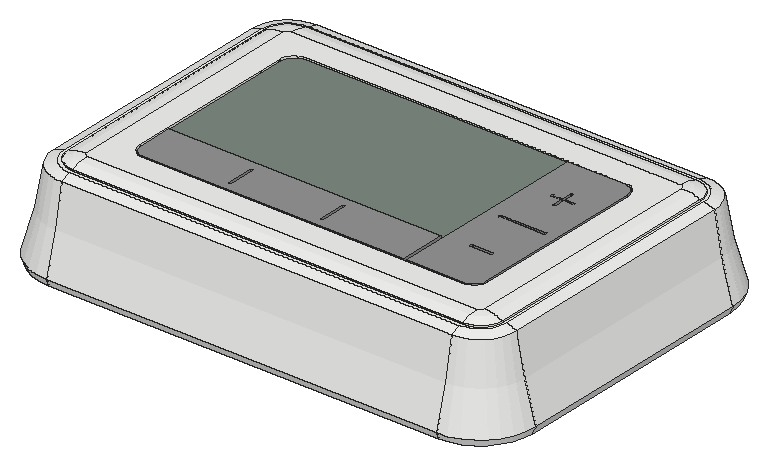
Revit family "Resideo_Thermostat_T4H310A3032a", category Electrical Fixtures, host Face, Revit 2019
Family settings
  Host = Face
  Maintain Annotation Orientation = No
  Round Connector Dimension = Use Diameter
  Part Type = Normal
  OmniClass Number = 23.75.65.11.11
  OmniClass Title = Heating Controllers
  Cut with Voids When Loaded = No
  Shared = No
  Room Calculation Point = No
Parameters (values of type "T4H310A3032")
  _ObjectUserGuide = "https://www.bimstore.co/products/thermostat-t4h310a3032/document/object-user-guide"
  _DistributedBy = "https://www.bimstore.co/"
  _CurrentRevision = 1
  _CreatedBy = "https://www.bimstore.co/"
  _BimSpecGuid = 0
  _BSBibleVersion = 16
  _AuthorizedBy = "bimstore"
  _Author = "AM"
  WarrantyStartDate [instance] = "Please record on commissioning"
  WarrantyGuarantorParts = "https://www.resideo.com/gb/en/contact-us/"
  WarrantyGuarantorLabor = "https://www.resideo.com/gb/en/contact-us/"
  WarrantyDurationUnit = "Years"
  WarrantyDurationParts = "0"
  WarrantyDurationLabor = "0"
  WarrantyDescription = "n/a"
  URL = "https://www.resideo.com/"
  TypeName = "T4H310A3032 - T4M WIRED OT THERMOSTAT"
  Type Comments = "T4M WIRED OT THERMOSTAT"
  SpareParts = "n/a"
  Size = "28mm (D) x 97mm (H) x 136mm (L)"
  Shape = "n/a"
  SerialNumber [instance] = "Please record on commissioning"
  SecondaryMaterial = Resideo - Plastic - Dark Grey
  ReplacementCost = "n/a"
  ReferencedStandard = "n/a"
  ProductionYear = "2022"
  PrimaryMaterial = Resideo - Plastic - White
  NominalLength = 136 mm
  NominalHeight = 97 mm
  NominalDepth = 28 mm
  NBSReference = "n/a"
  NBSOfficeMasterTag = "n/a"
  NBSObjectName = "Resideo - Room temperature sensors"
  NBSNote = "n/a"
  NBSDescription = "Room temperature sensors"
  ModelReference = "T4M WIRED OT THERMOSTAT"
  ModelNumber = "T4H310A3032"
  Model = "T4H310A3032"
  Material = "n/a"
  ManufacturerName = "Resideo"
  Manufacturer = "Resideo"
  Keynote = "W"
  InstallationDate [instance] = "Please record on commissioning"
  IfcExportType = "IfcUnitaryControlElementTypeEnum.CONTROLPANEL"
  IfcExportAs = "IfcUnitaryControlElement"
  Grade = "n/a"
  Finish = "n/a"
  Features = "n/a"
  ExpectedLife = 0
  DurationUnit = "Years"
  DocumentationTechnical = "https://www.bimstore.co/products/thermostat-t4h310a3032/document/technical-data-sheet"
  DocumentationMaintenance = "https://www.bimstore.co/products/thermostat-t4h310a3032/document/maintenance-information"
  DocumentationLiterature = "https://www.bimstore.co/products/thermostat-t4h310a3032/document/product-literature"
  DocumentationInstallationGuide = "https://www.bimstore.co/products/thermostat-t4h310a3032/document/installation-guide"
  DocumentationCertificates = "https://www.bimstore.co/products/thermostat-t4h310a3032/document/product-certificates"
  DisplayMaterial = Resideo - Screen - Green
  Description = "T4M WIRED OT THERMOSTAT"
  Default Elevation = 0 mm
  CreatedOn = "2022-04-01T09:00:00"
  CreatedBy = "https://www.resideo.com/gb/en/contact-us/"
  Cost = 0
  Constituents = "n/a"
  Color = "n/a"
  CodePerformance = "n/a"
  ClassificationValue = "Pr_75_50_76_73"
  ClassificationName = "Uniclass2015"
  BarCode [instance] = "Please record on commissioning"
  BIMObjectName = "Resideo_Thermostat_T4H310A3032"
  AssetType = "Fixed"
  AssetIdentifier [instance] = "Please record on commissioning"
  Assembly Code = "D3060"
  AccessibilityPerformance = "n/a"
Reference planes
  plane 1 "Center (Front/Back)": y = 0
  plane 2: z = 0
  plane 3 "Center (Left/Right)": x = 0
Forms (mm)
  Sweep 1, solid, material "Resideo - Plastic - White" <- "PrimaryMaterial", detail levels medium+fine
    path origin (0, 0, 0) x (1, 0, 0) y (0, 1, 0)
      loop
        arc (-53, 48.5) -> (-63.607, 44.107) -> (-68, 33.5) r 15
        line (-68, 33.5) -> (-68, -33.5)
        arc (-68, -33.5) -> (-63.607, -44.107) -> (-53, -48.5) r 15
        line (-53, -48.5) -> (53, -48.5)
        arc (53, -48.5) -> (63.607, -44.107) -> (68, -33.5) r 15
        line (68, -33.5) -> (68, 33.5)
        arc (68, 33.5) -> (63.607, 44.107) -> (53, 48.5) r 15
        line (53, 48.5) -> (-53, 48.5)
    profile origin (0, 48.5, 0) x (0, 1, 0) y (0, 0, 1)
      loop
        line (-6.248, 0) -> (-6.248, 2.396) -> (-0.731, 2.396) -> (0, 4.118)
        arc (0, 4.118) -> (-3.128, 14.819) -> (-5.062, 25.799) r 101.421
        line (-5.062, 25.799) -> (-7.941, 26.735) -> (-8.909, 26.735) -> (-8.909, 0) -> (-6.248, 0)
  Extrusion 2, solid, material "Resideo - Plastic - White" <- "PrimaryMaterial", detail levels medium+fine
    sketch origin (0, 0, 0) x (1, 0, 0) y (0, 1, 0)
      loop
        arc (-53, 39.591) -> (-57.307, 37.807) -> (-59.091, 33.5) r 6.091
        line (-59.091, 33.5) -> (-59.091, -33.5)
        arc (-59.091, -33.5) -> (-57.307, -37.807) -> (-53, -39.591) r 6.091
        line (-53, -39.591) -> (53, -39.591)
        arc (53, -39.591) -> (57.307, -37.807) -> (59.091, -33.5) r 6.091
        line (59.091, -33.5) -> (59.091, 33.5)
        arc (59.091, 33.5) -> (57.307, 37.807) -> (53, 39.591) r 6.091
        line (53, 39.591) -> (-53, 39.591)
      loop
        arc (-43.452, 27.75) -> (-46.281, 26.578) -> (-47.452, 23.75) r 4
        line (-47.452, 23.75) -> (-47.452, -23.75)
        arc (-47.452, -23.75) -> (-46.281, -26.578) -> (-43.452, -27.75) r 4
        line (-43.452, -27.75) -> (43.452, -27.75)
        arc (43.452, -27.75) -> (46.281, -26.578) -> (47.452, -23.75) r 4
        line (47.452, -23.75) -> (47.452, 23.75)
        arc (47.452, 23.75) -> (46.281, 26.578) -> (43.452, 27.75) r 4
        line (43.452, 27.75) -> (-43.452, 27.75)
    from 0 to 28
  Sweep 3, void
    path in 3D
      loop
        arc (-53, 39.591, 28) -> (-57.307, 37.807, 28) -> (-59.091, 33.5, 28) r 6.091
        line (-59.091, 33.5, 28) -> (-59.091, -33.5, 28)
        arc (-59.091, -33.5, 28) -> (-57.307, -37.807, 28) -> (-53, -39.591, 28) r 6.091
        line (-53, -39.591, 28) -> (53, -39.591, 28)
        arc (53, -39.591, 28) -> (57.307, -37.807, 28) -> (59.091, -33.5, 28) r 6.091
        line (59.091, -33.5, 28) -> (59.091, 33.5, 28)
        arc (59.091, 33.5, 28) -> (57.307, 37.807, 28) -> (53, 39.591, 28) r 6.091
        line (53, 39.591, 28) -> (-53, 39.591, 28)
    profile origin (0, 39.591, 28) x (0, -1, 0) y (0, 0, 1)
      loop
        line (4.987, 1.471) -> (0, 1.471) -> (0, -1.001)
        arc (0, -1.001) -> (2.444, -0.253) -> (4.987, 0) r 12.925
        line (4.987, 0) -> (4.987, 1.471)
  Extrusion 4, solid, material "Resideo - Plastic - Dark Grey" <- "SecondaryMaterial", detail levels fine
    sketch origin (0, 0, 28) x (0, 1, 0) y (-1, 0, 0)
      loop
        line (-14.58, 46.952) -> (-23.75, 46.952)
        arc (-23.75, 46.952) -> (-26.225, 45.927) -> (-27.25, 43.452) r 3.5
        line (-27.25, 43.452) -> (-27.25, -26.993) -> (-14.58, -26.993) -> (-14.58, 46.952)
      loop
        line (27.27, -27.993) -> (-27.25, -27.993) -> (-27.25, -43.452)
        arc (-27.25, -43.452) -> (-26.225, -45.927) -> (-23.75, -46.952) r 3.5
        line (-23.75, -46.952) -> (23.75, -46.952)
        arc (23.75, -46.952) -> (26.225, -45.927) -> (27.25, -43.452) r 3.5
        line (27.25, -43.452) -> (27.27, -27.993)
      loop
        line (-17.6, 22.53) -> (-24.6, 22.53)
        arc (-24.6, 22.53) -> (-24.975, 22.155) -> (-24.6, 21.78) r 0.375
        line (-24.6, 21.78) -> (-17.6, 21.78)
        arc (-17.6, 21.78) -> (-17.225, 22.155) -> (-17.6, 22.53) r 0.375
      loop
        arc (-24.6, -2.491) -> (-25.019, -2.91) -> (-24.6, -3.329) r 0.419
        line (-24.6, -3.329) -> (-17.6, -3.329)
        arc (-17.6, -3.329) -> (-17.181, -2.91) -> (-17.6, -2.491) r 0.419
        line (-17.6, -2.491) -> (-24.6, -2.491)
      loop
        line (-13.451, -40.317) -> (-13.451, -34.795)
        arc (-13.451, -34.795) -> (-13.8, -34.447) -> (-14.149, -34.795) r 0.349
        line (-14.149, -34.795) -> (-14.149, -40.317)
        arc (-14.149, -40.317) -> (-13.8, -40.665) -> (-13.451, -40.317) r 0.349
      loop
        arc (-0.419, -43.644) -> (0, -44.063) -> (0.419, -43.644) r 0.419
        line (0.419, -43.644) -> (0.419, -31.644)
        arc (0.419, -31.644) -> (0, -31.225) -> (-0.419, -31.644) r 0.419
        line (-0.419, -31.644) -> (-0.419, -43.644)
      loop
        line (14.175, -37.181) -> (14.175, -34.795)
        arc (14.175, -34.795) -> (13.8, -34.42) -> (13.425, -34.795) r 0.375
        line (13.425, -34.795) -> (13.425, -37.181) -> (11.039, -37.181)
        arc (11.039, -37.181) -> (10.664, -37.556) -> (11.039, -37.931) r 0.375
        line (11.039, -37.931) -> (13.425, -37.931) -> (13.425, -40.317)
        arc (13.425, -40.317) -> (13.8, -40.692) -> (14.175, -40.317) r 0.375
        line (14.175, -40.317) -> (14.175, -37.931) -> (16.561, -37.931)
        arc (16.561, -37.931) -> (16.936, -37.556) -> (16.561, -37.181) r 0.375
        line (16.561, -37.181) -> (14.175, -37.181)
    from -1.265 to 0
  Extrusion 5, solid, material "Resideo - Plastic - Dark Grey" <- "SecondaryMaterial", detail levels medium+fine
    sketch origin (0, 0, 0) x (1, 0, 0) y (0, 1, 0)
      loop
        arc (-43.452, 27.75) -> (-46.281, 26.578) -> (-47.452, 23.75) r 4
        line (-47.452, 23.75) -> (-47.452, -23.75)
        arc (-47.452, -23.75) -> (-46.281, -26.578) -> (-43.452, -27.75) r 4
        line (-43.452, -27.75) -> (43.452, -27.75)
        arc (43.452, -27.75) -> (46.281, -26.578) -> (47.452, -23.75) r 4
        line (47.452, -23.75) -> (47.452, 23.75)
        arc (47.452, 23.75) -> (46.281, 26.578) -> (43.452, 27.75) r 4
        line (43.452, 27.75) -> (-43.452, 27.75)
    from 25.799 to 26.735
  Extrusion 6, solid, material "Resideo - Screen - Green" <- "DisplayMaterial", detail levels medium+fine
    sketch origin (0, 0, 0.936) x (1, 0, 0) y (0, 1, 0)
      loop
        arc (-43.452, 27.75) -> (-46.281, 26.578) -> (-47.452, 23.75) r 4
        line (-47.452, 23.75) -> (-47.452, -14.58) -> (27.993, -14.58) -> (27.993, 27.75) -> (-43.452, 27.75)
    from 25.799 to 26.735
  Extrusion 7, solid, material "Resideo - Plastic - Dark Grey" <- "SecondaryMaterial", detail levels medium
    sketch origin (0, 0, 28) x (0, 1, 0) y (-1, 0, 0)
      loop
        line (-14.58, 46.952) -> (-23.75, 46.952)
        arc (-23.75, 46.952) -> (-26.225, 45.927) -> (-27.25, 43.452) r 3.5
        line (-27.25, 43.452) -> (-27.25, -26.993) -> (-14.58, -26.993) -> (-14.58, 46.952)
      loop
        line (27.27, -27.993) -> (-27.25, -27.993) -> (-27.25, -43.452)
        arc (-27.25, -43.452) -> (-26.225, -45.927) -> (-23.75, -46.952) r 3.5
        line (-23.75, -46.952) -> (23.75, -46.952)
        arc (23.75, -46.952) -> (26.225, -45.927) -> (27.25, -43.452) r 3.5
        line (27.25, -43.452) -> (27.27, -27.993)
    from -1.265 to 0
  Extrusion 8, solid, material "Resideo - Plastic - White" <- "PrimaryMaterial", detail levels coarse
    sketch origin (0, 0, 28) x (0, 1, 0) y (-1, 0, 0)
      loop
        line (48.5, 68) -> (-48.5, 68) -> (-48.5, -68) -> (48.5, -68) -> (48.5, 68)
    from -28 to 0
  Extrusion 9, solid, material "Resideo - Plastic - White" <- "PrimaryMaterial", detail levels medium+fine
    sketch origin (0, 0, -0.936) x (1, 0, 0) y (0, 1, 0)
      loop
        arc (-43.452, 27.75) -> (-46.281, 26.578) -> (-47.452, 23.75) r 4
        line (-47.452, 23.75) -> (-47.452, -23.75)
        arc (-47.452, -23.75) -> (-46.281, -26.578) -> (-43.452, -27.75) r 4
        line (-43.452, -27.75) -> (43.452, -27.75)
        arc (43.452, -27.75) -> (46.281, -26.578) -> (47.452, -23.75) r 4
        line (47.452, -23.75) -> (47.452, 23.75)
        arc (47.452, 23.75) -> (46.281, 26.578) -> (43.452, 27.75) r 4
        line (43.452, 27.75) -> (-43.452, 27.75)
    from 0.936 to 26.735
Cuts and joins
  Sweep 3 cuts Extrusion 2
  joined: Sweep 1, Extrusion 9
Lines and regions (mm)
  sketch lines
    curve 1: line (53, 39.591, 28) -> (-53, 39.591, 28)
    curve 2: arc (-59.091, 33.5, 28) -> (-57.307, 37.807, 28) -> (-53, 39.591, 28) r 6.091
    curve 3: line (-59.091, 33.5, 28) -> (-59.091, -33.5, 28)
    curve 4: arc (-53, -39.591, 28) -> (-57.307, -37.807, 28) -> (-59.091, -33.5, 28) r 6.091
    curve 5: line (-53, -39.591, 28) -> (53, -39.591, 28)
    curve 6: arc (59.091, -33.5, 28) -> (57.307, -37.807, 28) -> (53, -39.591, 28) r 6.091
    curve 7: line (59.091, -33.5, 28) -> (59.091, 33.5, 28)
    curve 8: arc (53, 39.591, 28) -> (57.307, 37.807, 28) -> (59.091, 33.5, 28) r 6.091
Dimensions and locks
  aligned and locked: plane 2 to host face
  aligned and locked: level to host face
